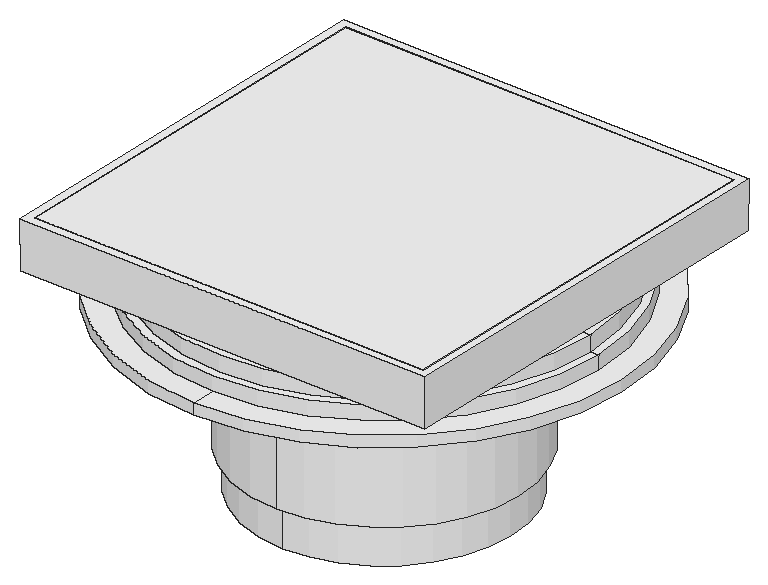
Revit family "R1200-PR", category Plumbing Fixtures, host Face, Revit 2018
Family settings
  Host = Face
  Round Connector Dimension = Use Radius
  Part Type = Normal
  Cut with Voids When Loaded = No
  Shared = No
  Room Calculation Point = No
Parameters (values of type "R1208-PR_8" Drain Pipe Size")
  WFU = 0
  URL = "WWW.MIFAB.COM"
  Top Assembly Adjustment = 0' - 2.47421"
  Pipe Radius = Pipe Diameter / 2  # 0' - 4"
  Pipe Diameter = 0' - 8"
  Model = "R1208-PR"
  Manufacturer = "MIFAB"
  Floor Drain Material = Paint - Sherwin Williams Paint - #952C2A - Bellwood Red
  Description = "LARGE SUMP PROMENADE DECK DRAIN WITH 12 3/4\" x 12 3/4\" TOP"
  Default Elevation = 0' - 0"
  CWFU = 0
  Assembly Code = ""
Types (7): name | Top Assembly Adjustment | Pipe Radius | Pipe Diameter | Model
  (no name) | 0' - 2.47421" | 0' - 4" | 0' - 8" | "R1208-PR"
  R1205, 6-PR_6" Drain Pipe Size | 0' - 2.47421" | 0' - 3" | 0' - 6" | "R1205, 6-PR"
  R1208-PR_8" Drain Pipe Size | 0' - 2.47421" | 0' - 4" | 0' - 8" | "R1208-PR"
  R1205, 6-PR_5" Drain Pipe Size | 0' - 2.47421" | 0' - 2 1/2" | 0' - 5" | "R1205, 6-PR"
  R1202, 3, 4-PR_4" Drain Pipe Size | 0' - 2.47421" | 0' - 2" | 0' - 4" | "R1202, 3, 4-PR"
  R1202, 3, 4-PR_3" Drain Pipe Size | 0' - 2.47421" | 0' - 1 1/2" | 0' - 3" | "R1202, 3, 4-PR"
  R1202, 3, 4-PR_2" Drain Pipe Size | 0' - 2.66171" | 0' - 1" | 0' - 2" | "R1202, 3, 4-PR"
Reference planes (in)
  plane 1 "Center (Front/Back)": y = 0
  plane 2: z = 0
  plane 3 "Center (Left/Right)": x = 0
  plane 4: z = -8.12436
  plane 5: y = -3.46875
  plane 6: y = 3.46875
  plane 7: y = 4
  plane 8: y = -4
  plane 9: y = -4
  plane 10: y = 4
  plane 11: x = -6.125
  plane 12: x = 6.125
  plane 13: z = -0.26875
  plane 14: z = -0.625
  plane 15: z = -4.875
  plane 16: z = -0.16875
  plane 17: y = 3.75
  plane 18: y = -3.75
  plane 19: x = 4
  plane 20: x = -4.0364
  plane 21: x = -6.375
  plane 22: x = 6.375
  plane 23: y = 6.125
  plane 24: y = 6.375
  plane 25: y = -6.125
  plane 26: y = -6.375
  plane 27: y = 7.5
  plane 28: y = -7.5
  plane 29: x = -7.5
  plane 30: x = 7.5
  plane 31: z = -8.12436
  plane 32: z = -2.47421
  plane 33: z = -1.21279
Forms (in)
  Revolve 1, solid, material "Paint - Sherwin Williams Paint - #952C2A - Bellwood Red" <- "Floor Drain Material"
    sketch origin (0, 0.04396, -2.93686) x (0, 1, 0) y (0, 0, 1)
      loop
        line (-4.12589, 0.46264) -> (-7.54396, 0.46264) -> (-7.54396, 0.10675) -> (-5.20082, 0.10675) -> (-5.20082, -0.25072)
        arc (-5.20082, -0.25072) -> (-5.13009, -0.42148) -> (-4.95933, -0.49221) r 0.24149
        line (-4.95933, -0.49221) -> (-4.29803, -0.49221) -> (-4.29803, -3.9576) -> (-4.04396, -3.9576) -> (-4.04396, -5.1875) -> (-3.79396, -5.1875) -> (-3.79396, -3.63903) -> (-4.12589, -3.63903) -> (-4.12589, 0.46264)
      axis (-0.04396, 0.46264) -> (-0.04396, -5.1875)
    angle from 0 to 360
  Extrusion 2, solid, material "Paint - Sherwin Williams Paint - #952C2A - Bellwood Red" <- "Floor Drain Material"
    sketch origin (0, 0, 0) x (1, 0, 0) y (0, 1, 0)
      loop
        line (-6.125, 6.125) -> (-6.125, -6.125) -> (6.125, -6.125) -> (6.125, 6.125) -> (-6.125, 6.125)
    from -0.75195 to 0
  Revolve 3, solid, material "Paint - Sherwin Williams Paint - #952C2A - Bellwood Red" <- "Floor Drain Material"
    sketch origin (0, 0, 0) x (1, 0, 0) y (0, 0, 1)
      loop
        line (4.39792, -2.16498) -> (5.25221, -1.47305) -> (9.39792, -1.47305) -> (9.39792, -1.21279) -> (5.31703, -1.21279) -> (4.20609, -1.81805) -> (4.20609, -1.97438) -> (3.39203, -1.97438) -> (3.39203, -5.58469) -> (3.75849, -5.58469) -> (3.75849, -2.34921) -> (4.39792, -2.34921) -> (4.39792, -2.16498)
      axis (0, -5.58469) -> (0, -1.21279)
    angle from 0 to 360
  Extrusion 4, void
    sketch origin (0, 0, -1.21279) x (0, 1, 0) y (1, 0, 0)
      loop
        line (-6.125, -6.125) -> (6.125, -6.125) -> (6.125, 6.125) -> (-6.125, 6.125) -> (-6.125, -6.125)
      loop
        circle (0, 0) r 9.39792
    from 0 to 0.26027
  Sweep 5, solid, material "Paint - Sherwin Williams Paint - #952C2A - Bellwood Red" <- "Floor Drain Material"
    path origin (0, 0, -1.21279) x (1, 0, 0) y (0, 1, 0)
      loop
        line (-6.125, -6.125) -> (6.125, -6.125) -> (6.125, 6.125) -> (-6.125, 6.125) -> (-6.125, -6.125)
    profile origin (-6.125, 0, -1.21279) x (-1, 0, 0) y (0, 0, 1)
      loop
        line (0, 1.21279) -> (0, -0.26027) -> (0.25, -0.26027) -> (0.25, 1.21279) -> (0, 1.21279)
  Revolve 6, solid, material "Paint - Sherwin Williams Paint - #952C2A - Bellwood Red" <- "Floor Drain Material"
    sketch origin (0, 0, -0.25) x (1, 0, 0) y (0, 0, 1)
      loop
        line (6.50035, -1.32093) -> (5.68767, -1.32093) -> (5.68767, -1.57093) -> (6.20329, -1.57093) -> (6.20329, -1.78968) -> (4.70329, -1.78968) -> (4.70329, -2.22421) -> (6.7636, -2.22421) -> (6.7636, -1.78968) -> (6.50035, -1.78968) -> (6.50035, -1.32093)
      axis (0, -2.22421) -> (0, -1.32093)
    angle from 0 to 360
Cuts and joins
  Extrusion 4 cuts Revolve 3
Lines and regions (in)
  model lines, not visible
    curve 1: line (8.52448, 10.85077, -0.53421) -> (8.52448, 13.60077, -0.53421)
    curve 2: line (8.52448, 13.60077, -0.53421) -> (21.27448, 13.60077, -0.53421)
    curve 3: line (21.27448, 13.60077, -0.53421) -> (21.27448, 10.85077, -0.53421)
    curve 4: line (14.89948, 13.60077, -0.53421) -> (14.89948, 12.35077, -0.53421)
    curve 5: line (21.02448, 11.77029, -0.53421) -> (21.02448, 14.13446, -0.53421)
    curve 6: line (8.77448, 11.77029, -0.53421) -> (8.77448, 14.13446, -0.53421)
Dimensions and locks (in)
  equal spacing: plane 6, plane 1 "Center (Front/Back)", plane 5
  plane 6 to plane 5 = 0' - 6 15/16"
  equal spacing: plane 7, plane 1 "Center (Front/Back)", plane 8
  plane 7 to plane 8 = 0' - 8"
  equal spacing: plane 10, plane 1 "Center (Front/Back)", plane 9
  "Pipe Diameter": plane 10 to plane 9
  "Pipe Radius": plane 1 "Center (Front/Back)" to plane 9
  equal spacing: plane 11, plane 3 "Center (Left/Right)", plane 12
  plane 11 to plane 12 = 1' - 0 1/4"
  level to plane 14 = 0' - 0 5/8"
  locked: plane 14 to plane 15 at 4.25
  level to plane 16 to plane 13 = 0' - 0.16875" locked, 0' - 0.1" locked
  equal spacing: plane 17, plane 1 "Center (Front/Back)", plane 18
  plane 17 to plane 18 = 0' - 7 1/2"
  plane 20 to plane 19 = 0' - 8.0364"
  plane 8 to Revolve 1 sketch curve to Revolve 1 sketch curve = 0' - 0.08193", 0' - 0.17214"
  equal spacing: plane 21, plane 3 "Center (Left/Right)", plane 22
  plane 21 to plane 22 = 1' - 0 3/4"
  equal spacing: plane 26, plane 1 "Center (Front/Back)", plane 24
  plane 26 to plane 24 = 1' - 0 3/4"
  locked: Revolve 1 sketch curve to Revolve 1 sketch curve at 0.25
  equal spacing: plane 28, plane 1 "Center (Front/Back)", plane 27
  locked: plane 27 to plane 28 at 15
  equal spacing: plane 29, plane 3 "Center (Left/Right)", plane 30
  locked: plane 29 to plane 30 at 15
  locked: plane 32 to plane 31 at 5.65014
  Revolve 1 sketch curve to Revolve 1 sketch curve to Revolve 1 sketch curve to Revolve 1 sketch curve to Revolve 1 sketch curve = 0' - 0.31858" locked, 0' - 3.14682" locked, 0' - 0.59896" locked, 0' - 0.3559" locked
  Revolve 3 sketch curve to Revolve 3 sketch curve to Revolve 3 sketch curve to Revolve 3 sketch curve = 0' - 0.26027" locked, 0' - 0.50133" locked, 0' - 0.37483" locked
  locked: Revolve 3 sketch curve to Revolve 3 sketch curve at 0.15633
  locked: Revolve 3 sketch curve to Revolve 3 sketch curve at 0.18423
  locked: plane 2 to plane 33 at 1.21279
  "Top Assembly Adjustment": plane 2 to plane 32
  Revolve 6 sketch curve to Revolve 6 sketch curve to Revolve 6 sketch curve to plane 32 = 0' - 0 1/4" locked, 0' - 0 7/32" locked, 0' - 0.43453" locked
  aligned and locked: plane 2 to host face
  aligned and locked: level to host face
  aligned and locked: Revolve 1 sketch curve to plane 9
  aligned and locked: Extrusion 2 sketch curve to plane 11
  aligned and locked: level to Extrusion 2
  aligned and locked: Extrusion 2 sketch curve to plane 25
  aligned and locked: Extrusion 4 sketch curve to plane 11
  aligned and locked: plane 23 to Extrusion 4 sketch curve
  aligned and locked: Extrusion 4 sketch curve to plane 12
  aligned and locked: Extrusion 4 sketch curve to plane 25
  aligned and locked: plane 31 to Revolve 1
  aligned and locked: plane 4 to plane 31
  aligned and locked: plane 31 to Revolve 1 sketch curve
  aligned and locked: plane 32 to Revolve 1
  aligned and locked: Revolve 3 sketch curve to plane 33
  aligned and locked: Extrusion 4 to Revolve 3
  aligned and locked: Revolve 3 to Extrusion 4
  aligned and locked: Extrusion 4 sketch curve to Revolve 3  (x2)
  aligned and locked: Sweep 5 sketch curve to plane 11
  aligned and locked: Sweep 5 sketch curve to plane 23
  aligned and locked: Sweep 5 sketch curve to plane 12
  aligned and locked: plane 25 to Sweep 5 sketch curve
  aligned and locked: Sweep 5 sketch curve to plane 21
  aligned and locked: Sweep 5 sketch curve to level
  aligned and locked: Sweep 5 sketch curve to cut or joined group of Revolve 3, Extrusion 4
  aligned and locked: Revolve 6 sketch curve to plane 32
  aligned and locked: Revolve 6 sketch curve to Revolve 6 sketch curve
Automatic sketch dimensions
  curve 1 to curve 2 = 1' - 0 3/4"
  curve 1 to curve 6 = 0' - 0 1/4"
  curve 6 to curve 4 = 0' - 6 1/8"
  curve 5 to curve 3 = 0' - 0 1/4"
  curve 4 to curve 4 = 0' - 1 1/4"
  curve 6 to curve 1 = 0' - 1.83047"
  curve 5 to curve 2 = 0' - 1.83047"
  curve 3 to curve 5 = 0' - 0.91953"
  curve 1 to curve 6 = 0' - 0.91953"
  curve 1 to curve 6 = 0' - 0.53369"
  curve 2 to curve 5 = 0' - 0.53369"
  host sketch curve to host sketch curve = 8' - 0"  (x2)
  Revolve 1 sketch curve to plane 28 = 0' - 0"
  Revolve 1 sketch curve to plane 1 "Center (Front/Back)" = 0' - 0"
  plane 4 to Revolve 1 sketch curve = 0' - 0 3/8"
  Revolve 1 sketch curve to plane 32 = 0' - 0"
  Revolve 1 sketch curve to Revolve 1 sketch curve = 0' - 0.90279"
  Revolve 1 sketch curve to Revolve 1 sketch curve = 0' - 0.24149"
  plane 15 to Revolve 1 sketch curve = 0' - 1.06314"
  Extrusion 2 sketch curve to plane 12 = 0' - 0"
  Extrusion 2 sketch curve to plane 23 = 0' - 0"
  Revolve 3 sketch curve to plane 3 "Center (Left/Right)" = 0' - 0"
  plane 19 to Revolve 3 sketch curve = 0' - 0.60797"
  plane 19 to Revolve 3 sketch curve = 0' - 0.24151"
  Revolve 3 sketch curve to plane 19 = 0' - 0.20609"
  Revolve 3 sketch curve to plane 19 = 0' - 0.39792"
  plane 12 to Revolve 3 sketch curve = 0' - 0.87279"
  Revolve 3 sketch curve to Revolve 3 sketch curve = 0' - 0.06482"
  plane 30 to Revolve 3 sketch curve = 0' - 1.89792"
  Revolve 3 sketch curve to plane 15 = 0' - 0.70969"
  level to Revolve 3 sketch curve = 0' - 1.67327"
  Revolve 3 sketch curve to Revolve 3 sketch curve = 0' - 0 1/4"
  Sweep 5 sketch curve to profile plane = 0' - 0"
  Sweep 5 sketch curve to profile plane = 0' - 0 1/4"
  Revolve 6 sketch curve to plane 3 "Center (Left/Right)" = 0' - 0"
  Revolve 6 sketch curve to plane 19 = 0' - 0.70329"
  plane 12 to Revolve 6 sketch curve = 0' - 0.43733"
  Revolve 6 sketch curve to plane 12 = 0' - 0.07829"
  Revolve 6 sketch curve to Revolve 6 sketch curve = 0' - 0.26325"
  plane 22 to Revolve 6 sketch curve = 0' - 0.12535"
  level to Revolve 6 sketch curve = 0' - 1.42327"
  Revolve 6 sketch curve to Revolve 6 sketch curve = 0' - 0 1/4"
Connectors (in)
  piping at (0, 0, -8.12436), diameter 8, driven by "Pipe Radius", driven by "WFU"
    settings: on Revolve 1, index 2, connector inside diameter 2", connector length 0' - 0", flow factor 0, pipe flow 0 GPM, pressure drop 0.00 psi, fitting loss kfactor 0, connector angle 0.00°, fixture units 0, engagement length 0' - 0", angle of deflection 0.00°, flow configuration 3, flow direction 2, fitting loss method 0, system type 16, joint type 0, gender type 0, connector reference index -1, connector utility 0, adjustable connector no, is connector primary yes, connector description "Sanitary Out"
